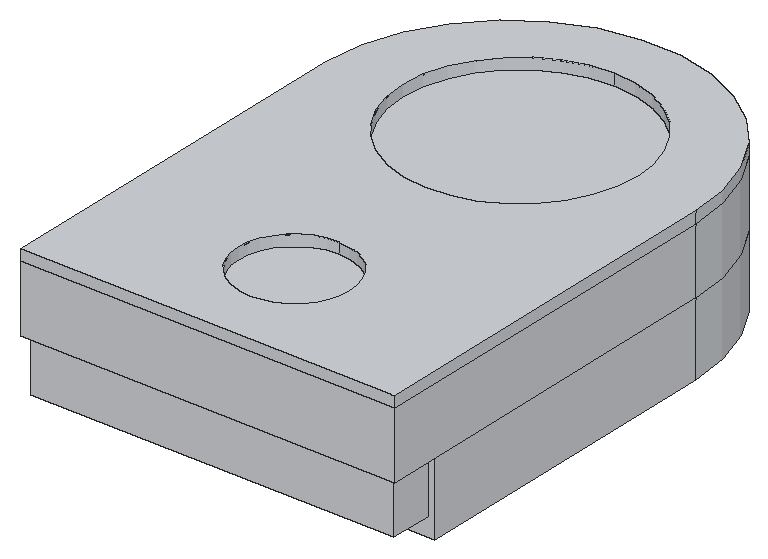
Revit family "Gira_026866", category Electrical Fixtures, host Face, Revit 2017
Family settings
  Host = Face
  Maintain Annotation Orientation = Yes
  Round Connector Dimension = Use Diameter
  Part Type = Normal
  Cut with Voids When Loaded = No
  Shared = No
  Room Calculation Point = No
Parameters (values of type "Blindabd. Gira TX_44 (WG UP) Reinweiß")
  Zusammenstellung = "Zentralplatte"
  Werkstoffgüte = "sonstige"
  Werkstoff = "sonstige"
  Verwendung = "Blindabdeckung"
  URL = "http://katalog.gira.de/de_DE/datenblatt.html?artikelnr=026866"
  Transparent = "No"
  Tragring = "No"
  Region = "DE"
  RAL-Nummer (ähnlich) = "9010 "
  Oberfläche = "sonstige"
  Name = "Blindabd. Gira TX_44 (WG UP) Reinweiß"
  Montageart = "unter Putz"
  Mit Zugentlastung = "No"
  Mit Staubschutz = "No"
  Mit Klappdeckel = "No"
  Mit Aufdruck = "No"
  Manufacturer URL = "https://www.gira.de/"
  Lüsterklemme = "No"
  Keynote = "Türstation_Schalten und Tasten"
  HeinzeBIM = "https://bimportal.heinze.de/bim/blindabd-gira-tx-44-wg-up-reinweiss/e7712dcd81d9c334523f44ce602c5bfafbf07501"
  Halogenfrei = "Yes"
  HAN = "026866"
  Geeignet für Schutzart (IP) = "IP44"
  GTIN = "4010337268666"
  Farbe = "weiß"
  Default Elevation = 1219.2 mm
  Data sheet (1) = "https://katalog.gira.de/de_DE/download.html?artikelnr=026866"
  Category = "Einsatz/Abdeckung für Kommunikationstechnik"
  Beschriftungsfeld = "ohne Beschriftungsfeld"
  Befestigungsart = "Befestigung mit Schraube"
  Available = "Yes"
  Ausführung der Oberfläche = "nicht zutreffend"
Reference planes
  plane 1 "Center (Front/Back)": y = 0
  plane 2: z = 0
  plane 3 "Center (Left/Right)": x = 0
Forms (mm)
  Extrusion 1, solid, detail levels fine
    sketch origin (0, 0, 0) x (1, 0, 0) y (0, 1, 0)
      loop
        line (33.49, -50.461) -> (33.49, 16.971)
        arc (33.49, 16.971) -> (0.419, 50.458) -> (-33.479, 17.809) r 33.49
        line (-33.479, 17.809) -> (-33.479, -50.461) -> (33.49, -50.461)
      loop
        circle (0, 19.471) r 21
      loop
        circle (0, -31.029) r 10
    from 25 to 27
  Extrusion 2, solid, detail levels fine
    sketch origin (0, 0, 0) x (1, 0, 0) y (0, 1, 0)
      loop
        arc (33.49, 16.971) -> (0.419, 50.458) -> (-33.479, 17.809) r 33.49
        line (-33.479, 17.809) -> (-33.479, -50.461) -> (33.49, -50.461) -> (33.49, 16.971)
    from 13 to 25
  Extrusion 3, solid, detail levels fine
    sketch origin (0, 0, 0) x (1, 0, 0) y (0, 1, 0)
      loop
        arc (33.49, 16.971) -> (0.419, 50.458) -> (-33.479, 17.809) r 33.49
        line (-33.479, 17.809) -> (-33.479, -41.508) -> (33.49, -41.508) -> (33.49, 16.971)
    from 0 to 13
  Extrusion 4, solid, detail levels fine
    sketch origin (0, 0, 0) x (1, 0, 0) y (0, 1, 0)
      loop
        line (32.5, -49.379) -> (32.5, -41.879) -> (-32.5, -41.879) -> (-32.5, -49.379) -> (32.5, -49.379)
    from 3.5 to 13
  Extrusion 5, solid, detail levels medium
    sketch origin (0, 0, 0) x (1, 0, 0) y (0, 1, 0)
      loop
        arc (33.49, 16.971) -> (0.419, 50.458) -> (-33.479, 17.809) r 33.49
        line (-33.479, 17.809) -> (-33.479, -50.461) -> (33.49, -50.461) -> (33.49, 16.971)
    from 0 to 27
  Extrusion 6, solid, detail levels coarse
    sketch origin (0, 0, 0) x (1, 0, 0) y (0, 1, 0)
      loop
        line (-33.479, 50.461) -> (-33.479, -50.461) -> (33.49, -50.461) -> (33.49, 50.461) -> (-33.479, 50.461)
    from 0 to 27
Dimensions and locks
  aligned and locked: plane 2 to host face
  aligned and locked: level to host face
  aligned and locked: plane 3 "Center (Left/Right)" to nested 1
  aligned and locked: plane 1 "Center (Front/Back)" to nested 1
Nested families
  nested 1: "Taster mit Türöffner - Beschriftung" at (0, 0, 0), type "Taster mit Türöffner - Beschriftung"
Connectors
  electrical at (0.005, 0, 0)
    settings: on Extrusion 6, index 1, voltage 220 V, apparent load 0 VA, apparent load phase1 0 VA, apparent load phase2 0 VA, apparent load phase3 0 VA, power factor 1, load classification "Other", number of poles 1, system type 30, power factor state 1, is connector primary yes, connector utility no, sub classification motor no, connector description ""
Definition of nested family "Taster mit Türöffner - Beschriftung"
  Reference planes
    plane 1: y = 0
    plane 2: x = 0
  Lines and regions (mm)
    detail lines
      curve 1: line (3, 0, 0) -> (-3, 0, 0)
      curve 2: line (3, 3, 0) -> (3, 0, 0)
      curve 3: line (-3, 3, 0) -> (3, 3, 0)
      curve 4: line (-3, 0, 0) -> (-3, 3, 0)
      curve 5: line (3, 3, 0) -> (-3, 0, 0)
      curve 7: circle (1.899, 1.25, 0) r 0.8 normal (0, 0, 1)
      curve 8: circle (1.899, 1.25, 0) r 0.4 normal (0, 0, 1)
      curve 10: line (-0.152, 2.6, 0) -> (-1.152, 2.6, 0)
      curve 11: line (-1.852, 2.6, 0) -> (-2.552, 2.6, 0)
      curve 12: line (-1.852, 2.6, 0) -> (-1.852, 2.3, 0)
      curve 13: line (-1.152, 2.6, 0) -> (-1.903, 2.326, 0)
    reference lines
      curve 6: line (3, 1.5, 0) -> (-3, 1.5, 0)
      curve 9: line (3.348, 2.6, 0) -> (-3.652, 2.6, 0)
  Dimensions and locks
    curve 2 to curve 4 = 6 mm
    curve 3 to curve 1 = 3 mm
    curve 9 to curve 3 = 0.4 mm
